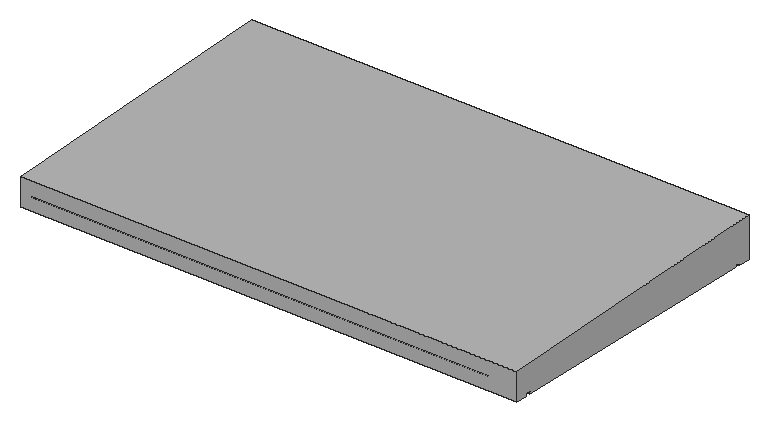
Revit family "WC427 Feather Edge", category Generic Models, Revit 2020
Family settings
  Can host rebar = No
  Round Connector Dimension = Use Diameter
  Part Type = Normal
  Work Plane-Based = No
  Always vertical = Yes
  Cut with Voids When Loaded = No
  Shared = No
  Room Calculation Point = No
Parameters
  Weight = "73Kg"
  Warranty Guarantor Parts = "n/a"
  Warranty Guarantor Labour = "n/a"
  Warranty Duration Unit = "n/a"
  Warranty Duration Parts = "n/a"
  Warranty Duration Labour = "n/a"
  Warranty Description = "n/a"
  Unit Width [instance] = 533 mm
  Unit Length [instance] = 914 mm
  Unit Height [instance] = 75 mm
  URL = "www.killeshal.com"
  Types = "Single"
  Type Comments = "Visit our website for a full list of available products."
  Sustainability Performance = "n/a"
  Structural Class = "n/a"
  Span = "Unit Length"
  Slope = "0.00°"
  Size = "533mm x 75 to 50mm"
  Shape = "As per drawing"
  Service Life = "0.000000"
  Serial Number = "n/a"
  Resistance to Fire = "n/a"
  Replacement Cost = "n/a"
  Reference = "n/a"
  Notified Body = "n/a"
  Nominal Cover to Main Bar = "n/a"
  Model = "W/C 427 Wall Cap."
  Mechanical Resistance = "n/a"
  Manufacturer = "Killeshal Precast Concrete Ltd."
  Load Bearing = no
  Life Cycle Environmental Load = "n/a"
  Length Options = "Stock size 914mm."
  Keynote = "The information contained is the sole property of KPC Ltd., any reproduction in part or whole without permission of KPC Ltd. is prohibited."
  Environmental Product Declaration = "n/a"
  Environmental Class = "n/a"
  Durability against Corrosion = "n/a"
  Dimension Accuracy Class = "n/a"
  Detailing = "As per design specification and product drawings."
  Description = "21\" Feather Edge Wall Cap"
  Default Elevation = 0 mm
  Dangerous Substances = "n/a"
  Contact Tel = "0035357 9353018"
  Contact Email = "sales@killeshal.com"
  Construction Type = "Precast"
  Construction Tolerance Class = "n/a"
  Compressive Strength of Concrete = "n/a"
  Characteristics of Reinforcing Steel = "n/a"
  Characteristics Deflection Under Load = "n/a"
Reference planes
  plane 1 "Center (Front/Back)": y = 0
  plane 2: z = 0
  plane 3 "Center (Left/Right)": x = 0
  plane 4 "Rear": y = 266.5
  plane 5 "Front": y = -266.5
  plane 6 "Top": z = 75
  plane 7 "Center L/T": z = 50
Forms (mm)
  Extrusion 1, solid, material "Precast Concrete (KPC)"
    sketch origin (0, 0, 0) x (0, 1, 0) y (0, 0, 1)
      loop
        line (-266.5, 50) -> (-266.5, 0) -> (-246.5, 0)
        arc (-246.5, 0) -> (-241.5, 5) -> (-236.5, 0) r 5
        line (-236.5, 0) -> (236.5, 0)
        arc (236.5, 0) -> (241.5, 5) -> (246.5, 0) r 5
        line (246.5, 0) -> (266.5, 0) -> (266.5, 75) -> (-266.5, 50)
    from 0 to 914
Dimensions and locks
  "Unit Length": Extrusion 1 to Extrusion 1
  "Unit Width": Extrusion 1 to Extrusion 1
  "Unit Height": plane 6 "Top" to Extrusion 1
  Extrusion 1 to plane 7 "Center L/T" = 50 mm
  aligned and locked: level to plane 2
Automatic sketch dimensions
  Extrusion 1 sketch curve to plane 5 "Front" = 0 mm
  Extrusion 1 sketch curve to level = 0 mm
  Extrusion 1 sketch curve to plane 4 "Rear" = 0 mm
  Extrusion 1 sketch curve to plane 7 "Center L/T" = 0 mm
  Extrusion 1 sketch curve to plane 6 "Top" = 0 mm
  plane 5 "Front" to Extrusion 1 sketch curve = 20 mm
  Extrusion 1 sketch curve to Extrusion 1 sketch curve = 5 mm  (x2)
  Extrusion 1 sketch curve to Extrusion 1 sketch curve = 30 mm
